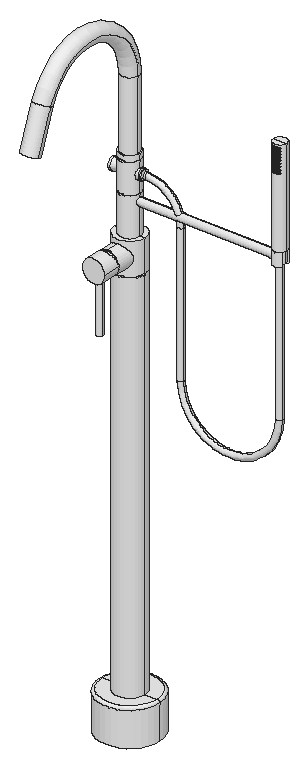
Revit family "Tub_Filler-DXV-Contemporary-D35901971_Series", category Plumbing Fixtures, Revit 2014
Parameters (values of type "D35901971.100")
  Width = 4"  # constant formula
  Waste Connection = yes
  Warranty Documentation Link = "https://www.dxv.com/-/media/files/dxv/warranty/dxv_warranty_booklet.ashx"
  WFU = 4  # constant formula
  Vent Connection = no
  URL = "http://www.dxv.com/"
  Revised Date = "22/09/2017"  # constant formula
  Product Page URL = "http://www.dxv.com/Product/Contemporary-Floor-Mount-Tub-Filler"
  Product Documentation Link = "https://dxv01.blob.core.windows.net/dxv-product-pdf-files/spec_D35901971_DXV_Contemporary_FMTF_EN.pdf"
  Price = "Prices may vary. Please consult Manufacturer Representative for most up-to-date price list."  # constant formula
  Model = "D35901971.100"
  Material = "Metal-DXV-100-Polished Chrome"
  Manufacturer = "DXV"  # constant formula
  Length = 8 1/4"  # constant formula
  Installation Type = "Deck Mounted"  # constant formula
  Hot Water Connection Radius = Cold Water Connection Radius  # 1/4"
  Hot Water Connection Diameter = Hot Water Connection Radius * 2  # 1/2"
  Height = 43 1/2"  # constant formula
  HWFU = 3  # constant formula
  HW Connection = yes
  Flow Rate = "2.0 gpm (7.6 L/min)"  # constant formula
  Finish = Metal-DXV-100-Polished Chrome
  Description = "Contemporary Floor Mount Tub Filler with Hand Shower"  # constant formula
  Default Elevation = 0"
  Creation Date = "07/02/2014"  # constant formula
  Cold Water Connection Radius = 1/4"  # constant formula
  Cold Water Connection Diameter = Cold Water Connection Radius * 2  # 1/2"
  CWFU = 3  # constant formula
  CW Connection = yes
  Assembly Code = "D2010710"
  ADA Compliant = yes
Types (3): name | Model | Material | Finish
  (no name) | "D35901971.100" | "Metal-DXV-100-Polished Chrome" | Metal-DXV-100-Polished Chrome
  D35901971.144 | "D35901971.144" | "Metal-DXV-144-Brushed Nickel" | Metal-DXV-144-Brushed Nickel
  D35901971.100 | "D35901971.100" | "Metal-DXV-100-Polished Chrome" | Metal-DXV-100-Polished Chrome
Reference planes (in)
  plane 1 "Center (Front/Back)": y = 0
  plane 2: z = 0
  plane 3 "Center (Left/Right)": x = 0
  plane 4: z = 43.5
  plane 5: y = 1
  plane 6: y = -1
  plane 7: y = 2.375
  plane 8: y = -2
  plane 9: x = 1
  plane 10: x = -1
  plane 11: x = 2
  plane 12: x = -2
  plane 13: x = 0.5625
  plane 14: x = -0.5625
  plane 15: z = 28.625
  plane 16: z = 24.625
  plane 17: z = 2.4375
  plane 18: z = 37.875
  plane 19: y = -8.25
  plane 20: y = -1.77075
Forms (in)
  Revolve 1, solid, material "Metal-DXV-100-Polished Chrome" <- "Finish"
    sketch origin (0, 0, 0) x (1, 0, 0) y (0, 0, 1)
      loop
        line (0, 0) -> (0, 34.54395) -> (-0.67271, 34.54395) -> (-0.67271, 34.2086)
        arc (-0.67271, 34.2086) -> (-0.64301, 34.1789) -> (-0.67271, 34.1492) r 0.0297
        line (-0.67271, 34.1492) -> (-0.67271, 32.2086)
        arc (-0.67271, 32.2086) -> (-0.64301, 32.1789) -> (-0.67271, 32.1492) r 0.0297
        line (-0.67271, 32.1492) -> (-0.67271, 29.63379) -> (-1, 29.63379) -> (-1, 27.52022)
        arc (-1, 27.52022) -> (-0.96529, 27.49508) -> (-1, 27.46995) r 0.02646
        line (-1, 27.46995) -> (-1, 2.4375) -> (-1.82642, 2.4375)
        arc (-1.82642, 2.4375) -> (-1.94916, 2.38666) -> (-2, 2.26392) r 0.17358
        line (-2, 2.26392) -> (-2, 0) -> (0, 0)
      axis (0, 0) -> (0, 34.54395)
    angle from 0 to 360
  Sweep 2, solid, material "Metal-DXV-100-Polished Chrome" <- "Finish"
    path origin (0, 0, 0) x (0, 1, 0) y (0, 0, 1)
      loop
        line (-8.262, 37.875) -> (-7.25093, 40.50893)
        arc (-7.25093, 40.50893) -> (-3.06662, 42.85225) -> (0, 39.16505) r 3.75
        line (0, 39.16505) -> (0, 29.63379)
    profile origin (0, 0, 29.63379) x (1, 0, 0) y (0, 1, 0)
      loop
        circle (0, 0) r 0.5625
  Extrusion 3, solid, material "Metal-DXV-100-Polished Chrome" <- "Finish"
    sketch origin (0, 0, 0) x (1, 0, 0) y (0, 0, 1)
      loop
        circle (0, 28.625) r 0.75
    from 1.86538 to 2.98301
  Revolve 4, solid, material "Metal-DXV-100-Polished Chrome" <- "Finish"
    sketch origin (0, 0, 0) x (1, 0, 0) y (0, 0, 1)
      loop
        line (0, 31.7277) -> (0, 31.4777) -> (10, 31.4777) -> (10, 31.7277) -> (0, 31.7277)
      axis (0, 31.7277) -> (10, 31.7277)
    angle from 0 to 360
  Revolve 5, solid, material "Metal-DXV-100-Polished Chrome" <- "Finish"
    sketch origin (0, 0, 0) x (1, 0, 0) y (0, 0, 1)
      loop
        line (9.65489, 32.20906) -> (9.65489, 31.42678) -> (10, 31.42678) -> (10, 38.5625) -> (9.5625, 38.5625) -> (9.5625, 32.20906) -> (9.65489, 32.20906)
      axis (10, 31.42678) -> (10, 38.5625)
    angle from 0 to 360
  Extrusion 6, solid, material "Metal-DXV-100-Polished Chrome" <- "Finish"
    sketch origin (0, 0, 0) x (1, 0, 0) y (0, 1, 0)
      loop
        circle (0, -2.48147) r 0.19344
    from 24.625 to 28.625
  Sweep 7, solid, material "Metal-DXV-100-Polished Chrome" <- "Finish"
    path origin (0, 0, 0) x (1, 0, 0) y (0, 0, 1)
      loop
        line (9.98899, 31.56204) -> (9.98899, 22.06204)
        arc (9.98899, 22.06204) -> (6.6978, 18.77085) -> (3.40661, 22.06204) r 3.29119
        line (3.40661, 22.06204) -> (3.40661, 31.16881)
        arc (3.40661, 31.16881) -> (2.76043, 32.72882) -> (1.20042, 33.375) r 2.20619
        line (1.20042, 33.375) -> (0.23295, 33.375)
    profile origin (0.71669, 0, 33.375) x (0, 0, -1) y (0, -1, 0)
      loop
        circle (0, 0) r 0.19777
  Extrusion 8, solid, material "Metal-DXV-100-Polished Chrome" <- "Finish"
    sketch origin (0, 0, 0) x (1, 0, 0) y (0, 1, 0)
      loop
        circle (-1, 0) r 0.25
      loop
        circle (1, 0) r 0.25
    from 0 to 0.01563
  Revolve 9, solid, material "Metal-DXV-100-Polished Chrome" <- "Finish"
    sketch origin (0, 0, 0) x (0, 1, 0) y (0, 0, 1)
      loop
        line (0, 28.625) -> (-2.35599, 28.625)
        arc (-2.35599, 28.625) -> (-2.21167, 28.19533) -> (-1.83723, 27.93992) r 0.71174
        line (-1.83723, 27.93992) -> (-1.83723, 27.875) -> (0, 27.875) -> (0, 28.625)
      axis (0, 28.625) -> (-2.35599, 28.625)
    angle from 0 to 360
  Extrusion 10, void
    sketch origin (0, 0, 0) x (0, 1, 0) y (0, 0, 1)
      loop
        line (-1.86538, 29.44898) -> (-2.12189, 29.44898) -> (-1.86538, 28.74421) -> (-1.86538, 29.44898)
    from -0.81594 to 0.84632
  Revolve 11, solid, material "Metal-DXV-100-Polished Chrome" <- "Finish"
    sketch origin (0, 0, 0) x (1, 0, 0) y (0, 0, 1)
      loop
        line (-1.14507, 33.375) -> (1, 33.375) -> (1, 33.67451) -> (0.8537, 33.67451) -> (0.8537, 33.71875) -> (0.42832, 33.71875) -> (0.42832, 33.51019) -> (-0.14627, 33.51019) -> (-1, 33.75499) -> (-1.14507, 33.75499) -> (-1.14507, 33.375)
      axis (-1.14507, 33.375) -> (1, 33.375)
    angle from 0 to 360
  Extrusion 12, solid, material "Metal-DXV-100-Polished Chrome" <- "Finish"
    sketch origin (0, 0, 0) x (1, 0, 0) y (0, 1, 0)
      loop
        line (10.35072, 0.28013) -> (10.24931, 0.28013)
        arc (10.24931, 0.28013) -> (9.625, 0) -> (10.24931, -0.28013) r 0.375
        line (10.24931, -0.28013) -> (10.35072, -0.28013)
        arc (10.35072, -0.28013) -> (9.55114, 0) -> (10.35072, 0.28013) r 0.44886
    from 31.30595 to 32.13955
  Extrusion 13, solid, material "Metal-DXV-100-Polished Chrome" <- "Finish"
    sketch origin (-1, -0.10137, 29.40063) x (1, 0, 0) y (0, 0, 1)
      loop
        circle (10.75, 9.00391) r 0.03125
      loop
        circle (10.75, 9.00391) r 0.04026
      loop
        circle (10.875, 9.00391) r 0.03125
      loop
        circle (10.875, 9.00391) r 0.04026
      loop
        circle (11, 9.00391) r 0.03125
      loop
        circle (11, 9.00391) r 0.04026
      loop
        circle (11.125, 9.00391) r 0.03125
      loop
        circle (11.125, 9.00391) r 0.04026
      loop
        circle (11.25, 9.00391) r 0.03125
      loop
        circle (11.25, 9.00391) r 0.04026
      loop
        circle (11.25, 8.81641) r 0.03125
      loop
        circle (11.25, 8.81641) r 0.04026
      loop
        circle (11.125, 8.81641) r 0.03125
      loop
        circle (11.125, 8.81641) r 0.04026
      loop
        circle (11, 8.81641) r 0.03125
      loop
        circle (11, 8.81641) r 0.04026
      loop
        circle (10.875, 8.81641) r 0.03125
      loop
        circle (10.875, 8.81641) r 0.04026
      loop
        circle (10.75, 8.81641) r 0.03125
      loop
        circle (10.75, 8.81641) r 0.04026
      loop
        circle (10.75, 8.62891) r 0.03125
      loop
        circle (10.75, 8.62891) r 0.04026
      loop
        circle (10.875, 8.62891) r 0.03125
      loop
        circle (10.875, 8.62891) r 0.04026
      loop
        circle (11, 8.62891) r 0.03125
      loop
        circle (11, 8.62891) r 0.04026
      loop
        circle (11.125, 8.62891) r 0.03125
      loop
        circle (11.125, 8.62891) r 0.04026
      loop
        circle (11.25, 8.62891) r 0.03125
      loop
        circle (11.25, 8.62891) r 0.04026
      loop
        circle (11.25, 8.44141) r 0.03125
      loop
        circle (11.25, 8.44141) r 0.04026
      loop
        circle (11.125, 8.44141) r 0.03125
      loop
        circle (11.125, 8.44141) r 0.04026
      loop
        circle (11, 8.44141) r 0.03125
      loop
        circle (11, 8.44141) r 0.04026
      loop
        circle (10.875, 8.44141) r 0.03125
      loop
        circle (10.875, 8.44141) r 0.04026
      loop
        circle (10.75, 8.44141) r 0.03125
      loop
        circle (10.75, 8.44141) r 0.04026
      loop
        circle (10.75, 8.25391) r 0.03125
      loop
        circle (10.75, 8.25391) r 0.04026
      loop
        circle (10.875, 8.25391) r 0.03125
      loop
        circle (10.875, 8.25391) r 0.04026
      loop
        circle (11, 8.25391) r 0.03125
      loop
        circle (11, 8.25391) r 0.04026
      loop
        circle (11.125, 8.25391) r 0.03125
      loop
        circle (11.125, 8.25391) r 0.04026
      loop
        circle (11.25, 8.25391) r 0.03125
      loop
        circle (11.25, 8.25391) r 0.04026
      loop
        circle (11.25, 8.06641) r 0.03125
      loop
        circle (11.25, 8.06641) r 0.04026
      loop
        circle (11.125, 8.06641) r 0.03125
      loop
        circle (11.125, 8.06641) r 0.04026
      loop
        circle (11, 8.06641) r 0.03125
      loop
        circle (11, 8.06641) r 0.04026
      loop
        circle (10.875, 8.06641) r 0.03125
      loop
        circle (10.875, 8.06641) r 0.04026
      loop
        circle (10.75, 8.06641) r 0.03125
      loop
        circle (10.75, 8.06641) r 0.04026
      loop
        circle (10.75, 7.87891) r 0.03125
      loop
        circle (10.75, 7.87891) r 0.04026
      loop
        circle (10.875, 7.87891) r 0.03125
      loop
        circle (10.875, 7.87891) r 0.04026
      loop
        circle (11, 7.87891) r 0.03125
      loop
        circle (11, 7.87891) r 0.04026
      loop
        circle (11.125, 7.87891) r 0.03125
      loop
        circle (11.125, 7.87891) r 0.04026
      loop
        circle (11.25, 7.87891) r 0.03125
      loop
        circle (11.25, 7.87891) r 0.04026
      loop
        circle (11.25, 7.69141) r 0.03125
      loop
        circle (11.25, 7.69141) r 0.04026
      loop
        circle (11.125, 7.69141) r 0.03125
      loop
        circle (11.125, 7.69141) r 0.04026
      loop
        circle (11, 7.69141) r 0.03125
      loop
        circle (11, 7.69141) r 0.04026
      loop
        circle (10.875, 7.69141) r 0.03125
      loop
        circle (10.875, 7.69141) r 0.04026
      loop
        circle (10.75, 7.69141) r 0.03125
      loop
        circle (10.75, 7.69141) r 0.04026
      loop
        circle (11.25, 7.50391) r 0.03125
      loop
        circle (11.25, 7.50391) r 0.04026
      loop
        circle (11.125, 7.50391) r 0.03125
      loop
        circle (11.125, 7.50391) r 0.04026
      loop
        circle (11, 7.50391) r 0.03125
      loop
        circle (11, 7.50391) r 0.04026
      loop
        circle (10.875, 7.50391) r 0.03125
      loop
        circle (10.875, 7.50391) r 0.04026
      loop
        circle (10.75, 7.50391) r 0.03125
      loop
        circle (10.75, 7.50391) r 0.04026
    from 0.19368 to 0.35794
  Extrusion 14, void
    sketch origin (0, 0.00049, 0) x (1, 0, 0) y (0, 1, 0)
      loop
        line (9.69855, -0.35639) -> (9.69855, -0.46695) -> (10.29561, -0.46695) -> (10.29561, -0.35639)
        arc (10.29561, -0.35639) -> (9.99708, -0.45017) -> (9.69855, -0.35639) r 0.52203
    from 36.80843 to 38.5625
Cuts and joins
  Extrusion 10 cuts Revolve 1
  Extrusion 10 cuts Sweep 2
  Extrusion 10 cuts Extrusion 3
  Extrusion 10 cuts Revolve 5
  Extrusion 10 cuts Extrusion 6
  Extrusion 10 cuts Sweep 7
  Extrusion 14 cuts Extrusion 13
  joined: Revolve 1, Sweep 2, Extrusion 3, Revolve 4, Revolve 5, Extrusion 6, Sweep 7, Revolve 9, Revolve 11, Extrusion 12, Extrusion 13
Lines and regions (in)
  Masking region 1
    outline origin (0, 0, 0) x (1, 0, 0) y (0, 1, 0)
      loop
        arc (1.98431, 0.25) -> (-1.21969, 1.58504) -> (-0.75, -1.85405) r 2
        line (-0.75, -1.85405) -> (-0.75, -2.98301) -> (-0.5625, -2.98301) -> (-0.5625, -8.2555)
        arc (-0.5625, -8.2555) -> (0, -8.818) -> (0.5625, -8.2555) r 0.5625
        line (0.5625, -8.2555) -> (0.5625, -2.98301) -> (0.75, -2.98301) -> (0.75, -1.85405)
        arc (0.75, -1.85405) -> (1.58504, -1.21969) -> (1.98431, -0.25) r 2
        line (1.98431, -0.25) -> (9.6272, -0.25)
        arc (9.6272, -0.25) -> (10, -0.44886) -> (10.3728, -0.25) r 0.44886
        line (10.3728, -0.25) -> (11.08901, -0.25)
        arc (11.08901, -0.25) -> (11.33901, 0) -> (11.08901, 0.25) r 0.25
        line (11.08901, 0.25) -> (10.3728, 0.25)
        arc (10.3728, 0.25) -> (10, 0.44886) -> (9.6272, 0.25) r 0.44886
        line (9.6272, 0.25) -> (1.98431, 0.25)
  symbolic lines, style "PlumbingFixtures", detail levels medium+fine
    curve 1: arc (0.95409, 0.29951, 0) -> (0.02947, 0.99957, 0) -> (-0.93479, 0.35521, 0) r 1
    curve 2: line (0.5625, 0.007, 0) -> (0.5625, -0.25, 0)
    curve 3: line (-0.5625, 0.007, 0) -> (-0.5625, -0.25, 0)
    curve 4: arc (0.5625, 0.007, 0) -> (0.54853, 0.13159, 0) -> (0.5073, 0.25, 0) r 0.5625
    curve 5: arc (0.5073, 0.25, 0) -> (0, 0.5695, 0) -> (-0.5073, 0.25, 0) r 0.5625
    curve 6: arc (-0.5073, 0.25, 0) -> (-0.54853, 0.13159, 0) -> (-0.5625, 0.007, 0) r 0.5625
    curve 7: line (-0.5625, -0.25, 0) -> (-0.5625, -2.98301, 0)
    curve 8: line (0.5625, -0.25, 0) -> (0.5625, -2.98301, 0)
    curve 12: line (-0.75, -0.66144, 0) -> (-0.75, -1.83723, 0)
    curve 13: line (0.75, -1.83723, 0) -> (0.75, -0.66144, 0)
    curve 14: arc (-0.93479, -0.35521, 0) -> (-0.8562, -0.51665, 0) -> (-0.75, -0.66144, 0) r 1
  symbolic lines, style "PlumbingFixtures", detail levels fine
    curve 9: arc (0.5625, -0.8268, 0) -> (0.66144, -0.75, 0) -> (0.75, -0.66144, 0) r 1
    curve 10: line (0.5625, -0.25, 0) -> (1, -0.25, 0)
    curve 11: line (0.5073, 0.25, 0) -> (1, 0.25, 0)
  symbolic lines, detail levels fine
    curve 15: line (-0.75, -1.83723, 0) -> (-0.5625, -1.83723, 0)
    curve 16: line (-0.75, -1.86538, 0) -> (-0.5625, -1.86538, 0)
    curve 17: line (0.75, -1.83723, 0) -> (0.5625, -1.83723, 0)
    curve 18: line (0.75, -1.86538, 0) -> (0.5625, -1.86538, 0)
    curve 24: line (-1, -0.37999, 0) -> (-1, 0.37999, 0)
    curve 25: line (-0.93479, 0.35521, 0) -> (-0.62296, 0.25389, 0)
    curve 26: line (-0.93479, -0.35521, 0) -> (-0.6251, -0.24858, 0)
    curve 27: arc (-0.5625, -0.36897, 0) -> (-0.31103, 0.59649, 0) -> (0.62453, 0.25, 0) r 0.67271
    curve 28: arc (0.5625, -0.36897, 0) -> (0.59649, -0.31103, 0) -> (0.62453, -0.25, 0) r 0.67271
    curve 30: line (0.8537, -0.29951, 0) -> (0.8537, -0.34375, 0)
    curve 31: line (0.8537, -0.34375, 0) -> (0.57825, -0.34375, 0)
    curve 32: line (0.8537, -0.29951, 0) -> (0.8537, -0.25, 0)
    curve 34: line (0.8537, 0.34375, 0) -> (0.8537, 0.29951, 0)
    curve 35: line (0.8537, 0.29951, 0) -> (0.95409, 0.29951, 0)
    curve 37: line (0.8537, 0.34375, 0) -> (0.57825, 0.34375, 0)
    curve 38: line (0.8537, 0.29951, 0) -> (0.8537, 0.25, 0)
    curve 39: arc (-0.75, -0.66144, 0) -> (-0.66144, -0.75, 0) -> (-0.5625, -0.8268, 0) r 1
    curve 41: line (0.95409, -0.29951, 0) -> (0.8537, -0.29951, 0)
  symbolic lines, detail levels medium+fine
    curve 19: line (-1.14507, -0.37999, 0) -> (-1, -0.37999, 0)
    curve 20: line (-1, -0.37999, 0) -> (-0.93479, -0.35521, 0)
    curve 21: line (-1.14507, 0.37999, 0) -> (-1, 0.37999, 0)
    curve 22: line (-1, 0.37999, 0) -> (-0.93479, 0.35521, 0)
    curve 23: line (-1.14507, 0.37999, 0) -> (-1.14507, -0.37999, 0)
    curve 29: line (1, -0.29951, 0) -> (0.95409, -0.29951, 0)
    curve 33: line (1, -0.29951, 0) -> (1, -0.25, 0)
    curve 36: line (1, 0.29951, 0) -> (1, 0.25, 0)
    curve 40: line (0.95409, 0.29951, 0) -> (1, 0.29951, 0)
    curve 42: arc (0.75, -0.66144, 0) -> (0.87105, -0.49119, 0) -> (0.95409, -0.29951, 0) r 1
    curve 43: line (1, 0.25, 0) -> (1.98431, 0.25, 0)
    curve 44: line (1, -0.25, 0) -> (1.98431, -0.25, 0)
    curve 45: arc (9.6272, 0.25, 0) -> (9.55114, 0, 0) -> (9.6272, -0.25, 0) r 0.44886
    curve 46: arc (10.3728, 0.25, 0) -> (10.4375, 0, 0) -> (10.3728, -0.25, 0) r 0.51531
Dimensions and locks (in)
  "Height": plane 4 to plane 2
  plane 15 to plane 2 = 28 5/8"
  plane 16 to plane 2 = 24 5/8"
  locked: plane 10 to plane 3 "Center (Left/Right)" at 1
  locked: plane 3 "Center (Left/Right)" to plane 9 at 1
  "Width": plane 12 to plane 11
  plane 14 to plane 13 = 1 1/8"
  plane 5 to plane 6 = 2"
  plane 17 to plane 2 = 2 7/16"
  plane 7 to plane 1 "Center (Front/Back)" = 2 3/8"
  plane 18 to level = 37 7/8"
  plane 1 "Center (Front/Back)" to plane 19 = 8 1/4"
Automatic sketch dimensions
  curve 1 to curve 9 = 0"  (x2)
  curve 1 to curve 14 = 0"  (x2)
  curve 1 to curve 27 = 0"  (x2)
  curve 1 to curve 28 = 0"  (x2)
  curve 1 to curve 39 = 0"  (x2)
  curve 1 to curve 42 = 0"  (x2)
  curve 4 to curve 5 = 0"  (x2)
  curve 4 to curve 6 = 0"  (x2)
  curve 5 to curve 6 = 0"  (x2)
  curve 9 to curve 14 = 0"  (x2)
  curve 9 to curve 27 = 0"  (x2)
  curve 9 to curve 28 = 0"  (x2)
  curve 9 to curve 39 = 0"  (x2)
  curve 9 to curve 42 = 0"  (x2)
  curve 14 to curve 27 = 0"  (x2)
  curve 14 to curve 28 = 0"  (x2)
  curve 14 to curve 39 = 0"  (x2)
  curve 14 to curve 42 = 0"  (x2)
  curve 27 to curve 28 = 0"  (x2)
  curve 27 to curve 39 = 0"  (x2)
  curve 27 to curve 42 = 0"  (x2)
  curve 28 to curve 39 = 0"  (x2)
  curve 28 to curve 42 = 0"  (x2)
  curve 39 to curve 42 = 0"  (x2)
  curve 22 to plane 10 = 0"
  curve 6 to plane 14 = 0"
  plane 1 "Center (Front/Back)" to curve 39 = 0"
  curve 39 to plane 3 "Center (Left/Right)" = 0"
  curve 4 to plane 3 "Center (Left/Right)" = 0"
  curve 33 to plane 9 = 0"
  curve 40 to plane 9 = 0"
  plane 1 "Center (Front/Back)" to curve 46 = 0"
  plane 1 "Center (Front/Back)" to curve 45 = 0"
  curve 23 to curve 19 = 0.14507"
  curve 20 to plane 10 = 0.06521"
  curve 22 to plane 10 = 0.06521"
  curve 15 to plane 20 = 0.06647"
  curve 15 to curve 15 = 3/16"
  curve 11 to plane 13 = 0.0552"
  plane 13 to curve 13 = 3/16"
  curve 30 to plane 9 = 0.1463"
  curve 34 to plane 9 = 0.1463"
  curve 40 to plane 9 = 0.04591"
  curve 41 to plane 9 = 0.04591"
  plane 11 to curve 46 = 7.92219"
  curve 46 to curve 45 = 0.07781"
  curve 17 to plane 20 = 0.06647"
  plane 1 "Center (Front/Back)" to curve 13 = 0.66144"
  plane 1 "Center (Front/Back)" to curve 12 = 0.66144"
  curve 19 to curve 14 = 0.02478"
  curve 31 to curve 30 = 0.04424"
  curve 31 to curve 2 = 3/32"
  plane 1 "Center (Front/Back)" to curve 3 = 1/4"
  curve 1 to curve 6 = 0.007"
  curve 38 to curve 38 = 0.04951"
  curve 34 to curve 34 = 0.04424"
  curve 1 to curve 22 = 0.02478"
  curve 16 to curve 12 = 0"
  plane 14 to curve 26 = 0.0626"
  plane 14 to curve 25 = 0.06046"
  curve 5 to plane 14 = 0.0552"
  plane 13 to curve 37 = 0.01575"
  plane 13 to curve 31 = 0.01575"
  curve 18 to curve 13 = 0"
  curve 44 to plane 11 = 0.01569"
  curve 43 to plane 11 = 0.01569"
  curve 45 to curve 46 = 0.29498"  (x2)
  curve 45 to curve 46 = 0.3728"  (x2)
  curve 46 to plane 1 "Center (Front/Back)" = 1/4"
  curve 16 to curve 12 = 0.02815"
  curve 18 to curve 17 = 0.02815"
  plane 8 to curve 7 = 0.98301"
  plane 8 to curve 8 = 0.98301"
  plane 1 "Center (Front/Back)" to curve 45 = 1/4"
  Revolve 1 sketch curve to level = 0"
  plane 12 to Revolve 1 sketch curve = 0"
  Revolve 1 sketch curve to plane 17 = 0"
  plane 10 to Revolve 1 sketch curve = 0"  (x2)
  Revolve 1 sketch curve to plane 3 "Center (Left/Right)" = 0"  (x2)
  Revolve 1 sketch curve to plane 12 = 0.17358"
  Revolve 1 sketch curve to plane 10 = 0.00826"
  plane 14 to Revolve 1 sketch curve = 0.11021"
  Revolve 1 sketch curve to plane 15 = 1.15505"
  Revolve 1 sketch curve to Revolve 1 sketch curve = 0.02514"
  plane 15 to Revolve 1 sketch curve = 1.00879"
  Revolve 1 sketch curve to Revolve 1 sketch curve = 2.5154"
  Revolve 1 sketch curve to Revolve 1 sketch curve = 0.0297"  (x2)
  Revolve 1 sketch curve to Revolve 1 sketch curve = 1.9406"
  Revolve 1 sketch curve to Revolve 1 sketch curve = 0.33535"
  Revolve 1 sketch curve to Revolve 1 sketch curve = 0.08105"
  Revolve 1 sketch curve to plane 18 = 1/4"
  Sweep 2 sketch curve to plane 18 = 0"
  Sweep 2 sketch curve to plane 1 "Center (Front/Back)" = 0"
  plane 8 to Sweep 2 sketch curve = 1 3/4"
  Sweep 2 sketch curve to plane 19 = 0.99907"
  plane 18 to Sweep 2 sketch curve = 1.29005"
  plane 19 to Sweep 2 sketch curve = 0.012"
  plane 15 to Sweep 2 sketch curve = 1.00879"
  profile plane to Sweep 2 sketch curve = 0"
  Sweep 2 sketch curve to profile plane = 0"
  Extrusion 3 sketch curve to plane 3 "Center (Left/Right)" = 0"
  Extrusion 3 sketch curve to plane 15 = 0"
  Revolve 4 sketch curve to plane 3 "Center (Left/Right)" = 0"
  plane 15 to Revolve 4 sketch curve = 3.1027"
  plane 11 to Revolve 4 sketch curve = 8"
  Revolve 4 sketch curve to Revolve 4 sketch curve = 1/4"
  Revolve 4 sketch curve to Revolve 4 sketch curve = 2"  (x2)
  Revolve 4 sketch curve to Revolve 4 sketch curve = 0"
  plane 15 to Revolve 5 sketch curve = 3.58406"
  plane 11 to Revolve 5 sketch curve = 7 9/16"
  Revolve 5 sketch curve to Revolve 5 sketch curve = 0.09239"
  Revolve 5 sketch curve to Revolve 5 sketch curve = 7/16"
  Revolve 5 sketch curve to Revolve 5 sketch curve = 0.78228"
  plane 18 to Revolve 5 sketch curve = 11/16"
  Revolve 5 sketch curve to Revolve 5 sketch curve = 0"
  Revolve 5 sketch curve to Revolve 5 sketch curve = 1/2"
  Revolve 5 sketch curve to plane 4 = 2 3/16"
  Extrusion 6 sketch curve to plane 3 "Center (Left/Right)" = 0"
  plane 8 to Extrusion 6 sketch curve = 0.48147"
  plane 9 to Sweep 7 sketch curve = 0.20042"
  plane 11 to Sweep 7 sketch curve = 1.40661"
  Sweep 7 sketch curve to plane 16 = 2.56296"
  Sweep 7 sketch curve to Sweep 7 sketch curve = 3.29119"
  plane 15 to Sweep 7 sketch curve = 2.54381"
  plane 3 "Center (Left/Right)" to Sweep 7 sketch curve = 0.23295"
  plane 15 to Sweep 7 sketch curve = 2.93704"
  Sweep 7 sketch curve to profile plane = 0"  (x2)
  plane 1 "Center (Front/Back)" to Extrusion 8 sketch curve = 0"  (x2)
  Extrusion 8 sketch curve to plane 10 = 0"
  Extrusion 8 sketch curve to plane 9 = 0"
  Masking region 1 sketch curve to Masking region 1 sketch curve = 0"  (x5)
  Masking region 1 sketch curve to plane 14 = 0"
  plane 1 "Center (Front/Back)" to Masking region 1 sketch curve = 0"  (x3)
  Masking region 1 sketch curve to plane 3 "Center (Left/Right)" = 0"  (x2)
  plane 14 to Masking region 1 sketch curve = 3/16"
  Masking region 1 sketch curve to Masking region 1 sketch curve = 3/16"
  Masking region 1 sketch curve to plane 11 = 0.01569"  (x2)
  Masking region 1 sketch curve to plane 1 "Center (Front/Back)" = 1/4"
  plane 11 to Masking region 1 sketch curve = 7.6272"
  Masking region 1 sketch curve to Masking region 1 sketch curve = 0.3728"  (x2)
  plane 1 "Center (Front/Back)" to Masking region 1 sketch curve = 1/4"
  Masking region 1 sketch curve to Masking region 1 sketch curve = 0.71622"
  plane 8 to Masking region 1 sketch curve = 0.98301"  (x2)
  plane 19 to Masking region 1 sketch curve = 0.0055"
  Revolve 9 sketch curve to plane 15 = 0"  (x2)
  Revolve 9 sketch curve to plane 1 "Center (Front/Back)" = 0"
  plane 20 to Revolve 9 sketch curve = 0.1265"
  Revolve 9 sketch curve to plane 20 = 0.06647"
  plane 8 to Revolve 9 sketch curve = 0.35599"
  Revolve 9 sketch curve to Revolve 9 sketch curve = 0.06492"
  plane 6 to Revolve 9 sketch curve = 0.28227"
  Revolve 9 sketch curve to Revolve 9 sketch curve = 0.11199"
  plane 8 to Extrusion 10 sketch curve = 0.12189"
  Extrusion 10 sketch curve to plane 20 = 0.09462"
  plane 15 to Extrusion 10 sketch curve = 0.11921"
  Extrusion 10 sketch curve to Extrusion 10 sketch curve = 0.70477"
  plane 10 to Revolve 11 sketch curve = 0"
  Revolve 11 sketch curve to plane 9 = 0"
  Revolve 11 sketch curve to Revolve 11 sketch curve = 0.14507"
  Revolve 11 sketch curve to plane 3 "Center (Left/Right)" = 0.14627"
  Revolve 11 sketch curve to plane 13 = 0.13418"
  Revolve 11 sketch curve to plane 9 = 0.1463"
  Revolve 11 sketch curve to plane 18 = 4 1/2"
  Revolve 11 sketch curve to Revolve 11 sketch curve = 0.13519"  (x2)
  Revolve 11 sketch curve to Revolve 11 sketch curve = 0.29951"
  Revolve 11 sketch curve to Revolve 11 sketch curve = 0.04424"
  Revolve 11 sketch curve to Revolve 11 sketch curve = 0.37999"
  Revolve 11 sketch curve to plane 14 = 0.16743"
  Revolve 11 sketch curve to Revolve 11 sketch curve = 0.06689"
  Extrusion 12 sketch curve to Extrusion 12 sketch curve = 0"  (x2)
  plane 1 "Center (Front/Back)" to Extrusion 12 sketch curve = 0"
  plane 11 to Extrusion 12 sketch curve = 8"
  Extrusion 12 sketch curve to Extrusion 12 sketch curve = 0.24931"  (x2)
  Extrusion 12 sketch curve to Extrusion 12 sketch curve = 0.10141"
  plane 1 "Center (Front/Back)" to Extrusion 12 sketch curve = 0.28013"
  Extrusion 13 sketch curve to Extrusion 13 sketch curve = 0"  (x129)
  plane 18 to Extrusion 13 sketch curve = 0.52953"
  plane 11 to Extrusion 13 sketch curve = 7 3/4"
  Extrusion 13 sketch curve to plane 18 = 0.03297"  (x5)
  Extrusion 13 sketch curve to Extrusion 13 sketch curve = 1/8"  (x36)
  Extrusion 13 sketch curve to Extrusion 13 sketch curve = 3/16"  (x7)
  plane 18 to Extrusion 13 sketch curve = 0.15453"
  plane 1 "Center (Front/Back)" to Extrusion 14 sketch curve = 0.46647"
  plane 11 to Extrusion 14 sketch curve = 7.69855"
  Extrusion 14 sketch curve to plane 1 "Center (Front/Back)" = 0.07234"
  Extrusion 14 sketch curve to Extrusion 14 sketch curve = 0.29853"
  Extrusion 14 sketch curve to Extrusion 14 sketch curve = 0.11057"
  Extrusion 14 sketch curve to Extrusion 14 sketch curve = 0.59706"
  radius of Sweep 2 sketch curve = 9/16"
  radius of Extrusion 3 sketch curve = 3/4"
  radius of Extrusion 6 sketch curve = 0.19344"
  radius of Sweep 7 sketch curve = 0.19777"
  radius of Extrusion 8 sketch curve = 1/4"  (x2)
  radius of Extrusion 13 sketch curve = 1/32"  (x45)
  radius of Extrusion 13 sketch curve = 0.04026"  (x45)
Connectors (in)
  piping at (-1, 0, 0), diameter 0.5, driven by "HWFU", driven by "Hot Water Connection Radius"
    settings: on Extrusion 8, index 1, connector inside diameter 1/2", connector length 0", flow factor 0, pipe flow 0 GPM, pressure drop 0.00 psi, fitting loss kfactor 0, connector angle 0.00°, fixture units 3, engagement length 0", angle of deflection 0.00°, flow configuration 3, flow direction 1, fitting loss method 0, system type 19, joint type 0, gender type 0, connector reference index -1, connector utility 0, adjustable connector no, is connector primary yes, connector description "1/2\" HW Inlet"
  piping at (1, 0, 0), diameter 0.5, driven by "Cold Water Connection Radius", driven by "CWFU"
    settings: on Extrusion 8, index 2, connector inside diameter 1/2", connector length 0", flow factor 0, pipe flow 0 GPM, pressure drop 0.00 psi, fitting loss kfactor 0, connector angle 0.00°, fixture units 3, engagement length 0", angle of deflection 0.00°, flow configuration 3, flow direction 1, fitting loss method 0, system type 20, joint type 0, gender type 0, connector reference index -1, connector utility 0, adjustable connector no, is connector primary no, connector description "1/2\" CW Inlet"
